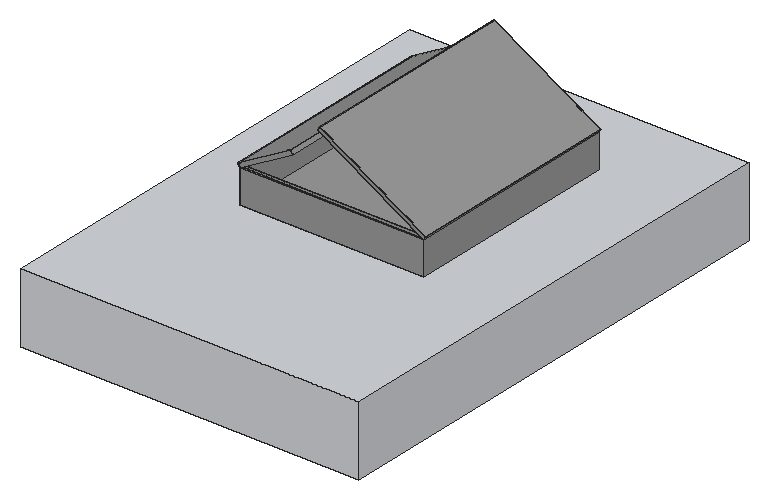
Revit family "Hager-Univers-IP44-D161-Cl.II-FWB-encl--AT-de", category Equipement électrique, Revit 2020
Family settings
  Hôte = Face
  Configuration du panneau = Deux colonnes, circuits au sein
  Cote de connecteur circulaire = Utiliser le diamètre
  Type d'élément = Tableau de raccordement
  Couper avec des vides une fois chargée = Non
  Partagée = Non
  Point de calcul de pièce = Non
Parameters (values of type "Aufputz IP44 B800 H950 T161  - FWB63D")
  Width Control [instance] = if([EF000008 - Breite] > Min Width, [EF000008 - Breite], Min Width)  # 800 mm
  Commentaires du type = [HG000003 - Bereich]  # "Univers"
  Thickness Door [instance] = if([EF009171 - Materialstärke Tür/Deckel] > 3 mm, 3 mm, [EF009171 - Materialstärke Tür/Deckel])  # 1 mm
  Seal Frame Offset [instance] = 17 mm  # constant formula
  Plinth Visibility [instance] = [HG000027 - Sockelhöhe] > 0 mm  # no
  Model = ""
  Min Width [instance] = 100 mm  # constant formula
  Min Height [instance] = 100 mm  # constant formula
  Min Depth [instance] = (2 * [EF009170 - Materialstärke Gehäuse]) + 1 mm  # 3 mm
  Internal Frame Depth [instance] = (Door System Depth * 0.5)  # 9 mm
  Height Control [instance] = if([EF000040 - Höhe] > Min Height, [EF000040 - Höhe], Min Height)  # 950 mm
  HG000027 - Sockelhöhe = 0 mm
  HG000026 - Stehend auf dem Boden = no
  HG000024 - Höhe des unteren Teils = 800 mm
  HG000023 - Gehäuse mit doppeltem Querschnitt = no
  HG000016 - 3D-Türsichtbarkeit [instance] = yes
  HG000015 - Sichtbarkeit der Türöffnung [instance] = no
  HG000014 - Tür rechts [instance] = yes
  HG000013 - Tür links [instance] = not([HG000014 - Tür rechts])  # no
  HG000012 - Türschwenkwinkel [instance] = 30.00°
  HG000010 - Asymmetrische Türen = yes
  HG000009 - Doppelflügeligen Tür = yes
  HG000006 - Unterputz = no
  HG000004 - Herstellerreferenz = "FWB63D"
  HG000003 - Bereich = "Univers"
  HG000002 - Mit tür = yes
  Frame Offset Bottom [instance] = 10 mm  # constant formula
  Frame Offset [instance] = 15 mm  # constant formula
  EF015940 - Deckel mit Überdruckentlastung = no
  EF011959 - Schutzart (NEMA) = ""
  EF009554 - Anzahl der Öffnungen für Flanschplatten = 6
  Fabricant = "Hager"  # constant formula
  EF009212 - Ausführung Deckel = "EV000116 - geschlossen"
  EF009171 - Materialstärke Tür/Deckel = 1 mm
  EF009170 - Materialstärke Gehäuse = 1 mm
  EF008873 - Nennstrom (In) = 125 A
  EF007800 - Geeignet für Blitzschutz = no
  EF006306 - Mit Schloss = no
  EF006244 - Transparenter Deckel/Tür = no
  EF005474 - Schutzart (IP) = "EV006418 - IP44"
  EF004464 - Art der Tür = "EV000494 - ohne"
  EF004427 - Anzahl der Module = 216
  EF004293 - Schlagfestigkeit = "EV006815 - IK09"
  EF003532 - Geeignet für Außengebrauch = no
  EF002950 - Breite in Teilungseinheiten = 12
  EF001613 - Funktionserhalt = "EV000494 - ohne"
  EF001596 - Werkstoff des Gehäuses = "EV000179 - Stahl"
  EF001131 - Innentiefe = 156 mm
  EF001088 - Anbaumöglichkeit = yes
  EF000437 - Anzahl der Leitungseinführungen = 12
  EF000339 - Art der Abdeckung = "EV004216 - Tür"
  EF000266 - Anzahl der Reihen = 0
  EF000218 - Einbautiefe = 0 mm
  EF000118 - Mit Montageplatte = no
  EF000116 - RAL-Nummer = "9010"
  EF000049 - Tiefe = 161 mm
  EF000040 - Höhe = 950 mm
  EF000008 - Breite = 800 mm
  EF000007 - Farbe = "EV000202 - weiß"
  EF000003 - Montageart = "EV000384 - Aufputz"
  Door System Leaf Tolerance [instance] = 1.5 mm  # constant formula
  Door System Depth [instance] = 18 mm  # constant formula
  Door Height [instance] = Height Control - [HG000027 - Sockelhöhe]  # 950 mm
  Depth Control [instance] = if([EF000049 - Tiefe] > Min Depth, [EF000049 - Tiefe], Min Depth)  # 161 mm
  Default Elevation = 0 mm
  Connector Offset [instance] = Height Control / 2  # 475 mm
  Bottom Top Plate Trim [instance] = 1.5 mm  # constant formula
  Plinth height Ctrl [instance] = if([HG000027 - Sockelhöhe] > 0 mm, [HG000027 - Sockelhöhe], 12 mm)  # 12 mm
Reference planes
  plane 1 "Center (Front/Back)": y = 0
  plane 2: z = 0
  plane 3 "Center (Left/Right)": x = 0
  plane 4: z = 161
  plane 5: y = 1
  plane 6: y = 475
  plane 7: y = 0
  plane 8: y = 950
  plane 9: z = 0
  plane 10: x = -385
  plane 11: x = 385
  plane 12: x = 384
  plane 13: x = -384
  plane 14: y = 949
  plane 15: x = -383
  plane 16: x = -400
  plane 17: x = 383
  plane 18: x = 400
  plane 19: x = 399
  plane 20: x = -399
  plane 21: y = 11
  plane 22: y = 950
  plane 23: y = 934
  plane 24: z = 143
  plane 25: z = 1
  plane 26: z = 142
  plane 27: z = 160
Forms (mm)
  Extrusion 1, solid
    sketch origin (0, 0, 0) x (1, 0, 0) y (0, 1, 0)
      loop
        line (-702.964, 1305) -> (-702.964, -811.445) -> (766.763, -811.445) -> (766.763, 1305) -> (-702.964, 1305)
    from 0 to -304.8
  Extrusion 2, solid, material "Hager_Steel_RAL7035_Light_Grey", visible <- "Plinth Visibility", detail levels medium+fine
    sketch origin (0, 0, 0) x (1, 0, 0) y (0, 1, 0)
      loop
        line (-400, 0) -> (400, 0) -> (400, 12) -> (-400, 12) -> (-400, 0)
    from 0 to 143
  Extrusion 3, solid, material "Hager_Steel_RAL7035_Light_Grey", detail levels medium+fine
    sketch origin (0, 0, 0) x (1, 0, 0) y (0, 1, 0)
      loop
        line (-400, 0) -> (400, 0) -> (400, 950) -> (-400, 950) -> (-400, 0)
    from 0 to 143
  Extrusion 4, void
    sketch origin (0, 0, 0) x (1, 0, 0) y (0, 1, 0)
      loop
        line (-399, 1) -> (399, 1) -> (399, 949) -> (-399, 949) -> (-399, 1)
    from 1 to 142
  Extrusion 5, void
    sketch origin (-381.607, -4572, 143) x (0, -1, 0) y (-1, 0, 0)
      loop
        line (-4583, 2.393) -> (-5506, 2.393) -> (-5506, -765.607) -> (-4583, -765.607) -> (-4583, 2.393)
    from 0 to 1 <- "EF009170 - Materialstärke Gehäuse"
  Extrusion 6, solid, material "Hager_Steel_RAL7035_Light_Grey", detail levels fine
    sketch origin (0, 0, 143) x (1, 0, 0) y (0, 1, 0)
      loop
        line (-384, 934) -> (-384, 11) -> (384, 11) -> (384, 934) -> (-384, 934)
      loop
        line (-385, 10) -> (385, 10) -> (385, 935) -> (-385, 935) -> (-385, 10)
    from 0 to 9 <- "Internal Frame Depth"
  Extrusion 7, solid, material "Hager_Steel_RAL7035_Light_Grey", detail levels coarse
    sketch origin (0, 0, 0) x (1, 0, 0) y (0, 1, 0)
      loop
        line (-400, 0) -> (400, 0) -> (400, 950) -> (-400, 950) -> (-400, 0)
    from 0 to 161
  Sweep 8, void
    path in 3D
      loop
        line (-400, 12, 0) -> (400, 12, 0) -> (400, 12, 143) -> (-400, 12, 143) -> (-400, 12, 0)
    profile origin (-400, 12, 71.5) x (-1, 0, 0) y (0, -1, 0)
      loop
        line (0, 0) -> (0, 1.5) -> (-1.5, 1.5)
        arc (-1.5, 1.5) -> (-1.061, 0.439) -> (0, 0) r 1.5
Cuts and joins
  Extrusion 4, Extrusion 5 cuts Extrusion 3
  Sweep 8 cuts Extrusion 2
Lines and regions (mm)
  Masking region 1
    outline origin (0, 0, 0) x (1, 0, 0) y (0, 0, 1)
      loop
        line (-400, 161) -> (-400, 0) -> (400, 0) -> (400, 161) -> (-400, 161)
  Masking region 2, detail levels medium+fine
    outline origin (0, 140, 0) x (0, 1, 0) y (0, 0, 1)
      loop
        line (-140, 0) -> (810, 0) -> (810, 143) -> (-140, 143) -> (-140, 0)
  Masking region 3, not visible, detail levels medium+fine
    outline origin (0, 297.922, 0) x (0, 1, 0) y (0, 0, 1)
      loop
        line (188.578, 0) -> (228.578, 0) -> (228.578, 150)
        arc (228.578, 150) -> (225.649, 157.071) -> (218.578, 160) r 10
        line (218.578, 160) -> (188.578, 160) -> (188.578, 0)
  Masking region 4, detail levels coarse
    outline origin (0, 0, 180) x (0, 1, 0) y (0, 0, 1)
      loop
        line (0, -180) -> (950, -180) -> (950, -19) -> (0, -19) -> (0, -180)
  Masking region 5, visible <- "Plinth Visibility", detail levels medium+fine
    outline origin (0, 52.24, 12.345) x (0, 0, -1) y (0, 1, 0)
      loop
        line (10.845, -40.24) -> (-129.155, -40.24)
        arc (-129.155, -40.24) -> (-129.594, -41.301) -> (-130.655, -41.74) r 1.5
        line (-130.655, -41.74) -> (-130.655, -52.24) -> (12.345, -52.24) -> (12.345, -41.74)
        arc (12.345, -41.74) -> (11.285, -41.301) -> (10.845, -40.24) r 1.5
  Masking region 6, detail levels medium+fine
    outline origin (-381.607, -4572, 143) x (-1, 0, 0) y (0, -1, 0)
      loop
        line (18.393, -5522) -> (18.393, -4572) -> (-781.607, -4572) -> (-781.607, -5522) -> (18.393, -5522)
  Masking region 7, visible <- "Plinth Visibility", detail levels medium+fine
    outline origin (-381.607, -4727, 143) x (-1, 0, 0) y (0, -1, 0)
      loop
        arc (16.893, -4739) -> (17.332, -4737.939) -> (18.393, -4737.5) r 1.5
        line (18.393, -4737.5) -> (18.393, -4727) -> (-781.607, -4727) -> (-781.607, -4737.5)
        arc (-781.607, -4737.5) -> (-780.546, -4737.939) -> (-780.107, -4739) r 1.5
        line (-780.107, -4739) -> (16.893, -4739)
  Masking region 8, detail levels coarse
    outline origin (-442.548, -4669.526, 143) x (-1, 0, 0) y (0, -1, 0)
      loop
        line (-42.548, -5619.526) -> (-42.548, -4669.526) -> (-842.548, -4669.526) -> (-842.548, -5619.526) -> (-42.548, -5619.526)
  sketch lines
    curve 1: line (-400, 12, 143) -> (-400, 12, 0)
    curve 2: line (400, 12, 143) -> (-400, 12, 143)
    curve 3: line (400, 12, 143) -> (400, 12, 0)
    curve 4: line (-400, 12, 0) -> (400, 12, 0)
Dimensions and locks
  "Depth Control": plane 4 to Extrusion 1
  "HG000027 - Sockelhöhe": plane 1 "Center (Front/Back)" to plane 7
  "EF009170 - Materialstärke Gehäuse": plane 5 to plane 7
  locked: connector elem to plane 3 "Center (Left/Right)"
  equal spacing: plane 8, plane 6, plane 7
  locked: connector elem to plane 6
  "EF009170 - Materialstärke Gehäuse": plane 8 to plane 14
  "EF009170 - Materialstärke Gehäuse": plane 10 to plane 13
  "EF009170 - Materialstärke Gehäuse": plane 12 to plane 11
  "Frame Offset": plane 20 to plane 13
  "Frame Offset": plane 12 to plane 19
  "EF009170 - Materialstärke Gehäuse": plane 16 to plane 20
  "EF009170 - Materialstärke Gehäuse": plane 19 to plane 18
  "Seal Frame Offset": plane 16 to plane 15
  "Seal Frame Offset": plane 17 to plane 18
  "Frame Offset Bottom": plane 21 to plane 5
  "Frame Offset": plane 14 to plane 23
  equal spacing: plane 16, plane 3 "Center (Left/Right)", plane 18
  "Width Control": plane 16 to plane 18
  "EF009170 - Materialstärke Gehäuse": plane 4 to plane 27
  "EF009170 - Materialstärke Gehäuse": plane 24 to plane 26
  "EF009170 - Materialstärke Gehäuse": plane 25 to level
  "Door System Depth": plane 4 to plane 24
  "Height Control": plane 1 "Center (Front/Back)" to Extrusion 7 sketch curve
  "Height Control": Masking region 4 sketch curve to plane 1 "Center (Front/Back)"
  "Height Control": plane 1 "Center (Front/Back)" to plane 22
  "Bottom Top Plate Trim": profile plane to Sweep 8 sketch curve
  "Bottom Top Plate Trim": Sweep 8 sketch curve to profile plane
  "Plinth height Ctrl": plane 1 "Center (Front/Back)" to Extrusion 2 sketch curve
  "Plinth height Ctrl": Masking region 5 sketch curve to plane 1 "Center (Front/Back)"
  "Plinth height Ctrl": plane 1 "Center (Front/Back)" to Masking region 7 sketch curve
  "Thickness Door": Extrusion 6 sketch curve to Extrusion 6 sketch curve  (x3)
  "Thickness Door": cut or joined group of Extrusion 3, Extrusion 4, Extrusion 5 to Extrusion 6 sketch curve
  radius of Masking region 3 sketch curve = 10 mm
  "Bottom Top Plate Trim": radius of Masking region 5 sketch curve  (x2)
  "Bottom Top Plate Trim": radius of Sweep 8 sketch curve
  "Bottom Top Plate Trim": radius of Masking region 7 sketch curve  (x2)
  aligned and locked: plane 2 to Extrusion 1
  aligned and locked: level to Extrusion 1
  aligned and locked: level to Masking region 1 sketch curve
  aligned and locked: Masking region 1 sketch curve to plane 18
  aligned and locked: Masking region 1 sketch curve to plane 16
  aligned and locked: plane 7 to Masking region 2 sketch curve
  aligned and locked: level to Masking region 3 sketch curve
  aligned and locked: Masking region 3 sketch curve to plane 27
  aligned and locked: level to Masking region 2 sketch curve
  aligned and locked: plane 1 "Center (Front/Back)" to Extrusion 2 sketch curve
  aligned and locked: Extrusion 3 sketch curve to plane 7
  aligned and locked: plane 16 to Extrusion 3 sketch curve
  aligned and locked: plane 18 to Extrusion 3 sketch curve
  aligned and locked: plane 20 to Extrusion 4 sketch curve
  aligned and locked: plane 19 to Extrusion 4 sketch curve
  aligned and locked: Extrusion 4 sketch curve to plane 5
  aligned and locked: Extrusion 4 to plane 25
  aligned and locked: plane 26 to Extrusion 4
  aligned and locked: plane 24 to Extrusion 3
  aligned and locked: Extrusion 5 sketch curve to plane 21
  aligned and locked: Extrusion 5 sketch curve to plane 13
  aligned and locked: Extrusion 5 sketch curve to plane 12
  aligned and locked: plane 18 to Extrusion 7 sketch curve
  aligned and locked: plane 1 "Center (Front/Back)" to Extrusion 7 sketch curve
  aligned and locked: plane 16 to Extrusion 7 sketch curve
  aligned and locked: plane 4 to Extrusion 7
  aligned and locked: Extrusion 7 to level
  aligned and locked: level to Masking region 4 sketch curve
  aligned and locked: Masking region 4 sketch curve to plane 1 "Center (Front/Back)"
  aligned and locked: Masking region 4 sketch curve to plane 4
  aligned and locked: nested 1 to level
  aligned and locked: nested 1 to plane 16
  aligned and locked: plane 8 to Extrusion 3 sketch curve
  aligned and locked: plane 23 to Extrusion 5 sketch curve
  aligned and locked: plane 14 to Extrusion 4 sketch curve
  aligned and locked: Masking region 2 sketch curve to plane 8
  aligned and locked: level to Masking region 5 sketch curve
  aligned and locked: plane 16 to Extrusion 2 sketch curve
  aligned and locked: plane 18 to Extrusion 2 sketch curve
  aligned and locked: Masking region 5 sketch curve to plane 24
  aligned and locked: Masking region 2 sketch curve to plane 24
  aligned and locked: plane 24 to Extrusion 2
  aligned and locked: profile plane to Sweep 8 sketch curve  (x2)
  aligned and locked: Masking region 6 sketch curve to plane 18
  aligned and locked: Masking region 6 sketch curve to plane 22
  aligned and locked: Masking region 6 sketch curve to plane 16
  aligned and locked: plane 8 to plane 22
  aligned and locked: Masking region 6 sketch curve to plane 7
  aligned and locked: Masking region 7 sketch curve to plane 16
  aligned and locked: Masking region 7 sketch curve to plane 1 "Center (Front/Back)"
  aligned and locked: Masking region 7 sketch curve to plane 18
  aligned and locked: Masking region 8 sketch curve to plane 1 "Center (Front/Back)"
  aligned and locked: Masking region 8 sketch curve to plane 18
  aligned and locked: Masking region 8 sketch curve to plane 22
  aligned and locked: Masking region 8 sketch curve to plane 16
  aligned and locked: nested 2 to plane 7
  aligned and locked: plane 3 "Center (Left/Right)" to nested 2
  aligned and locked: nested 2 to plane 24
  aligned and locked: Extrusion 6 sketch curve to cut or joined group of Extrusion 3, Extrusion 4, Extrusion 5  (x4)
Automatic sketch dimensions
  Extrusion 1 sketch curve to Extrusion 1 sketch curve = 1469.727 mm
  Extrusion 1 sketch curve to Extrusion 1 sketch curve = 2116.445 mm
  Masking region 1 sketch curve to plane 4 = 0 mm
  plane 6 to Masking region 3 sketch curve = 11.5 mm
  Masking region 3 sketch curve to Masking region 3 sketch curve = 30 mm
  Masking region 5 sketch curve to plane 1 "Center (Front/Back)" = 0 mm
Nested families
  nested 1: "Hager_Enclosure_Symbol" at (-400, 0, 0) x (1, 0, 0) z (0, -1, 0), Height <- "Depth Control", Width <- "Width Control", type "Hager_Enclosure_Symbol"
    with Width_Ctrl 800 mm, Width 800 mm, Height_Ctrl 161 mm, Height 161 mm, A_Width_Int 10.566 mm, A_Width 126.788 mm, A_Height_Ctrl 140.875 mm, A_Height 140.875 mm
  nested 2: "EC000058_Univers_Door" at (0, 0, 143) x (1, 0, 0) z (0, 1, 0), Leaf_Tolerance <- "Door System Leaf Tolerance", Angle <- "HG000012 - Türschwenkwinkel", Door_Depth <- "Door System Depth", Door_Left <- "HG000013 - Tür links", Transparent <- "EF006244 - Transparenter Deckel/Tür", Assymetrical <- "HG000010 - Asymmetrische Türen", Width <- "Width Control", Clearance <- "HG000015 - Sichtbarkeit der Türöffnung", Double <- "HG000009 - Doppelflügeligen Tür", 3d_Door <- "HG000016 - 3D-Türsichtbarkeit", Lock_Visibility <- "EF006306 - Mit Schloss", Width_Ctrl <- "Width Control", Door_Right <- "HG000014 - Tür rechts", Door <- "HG000002 - Mit tür", Height <- "Door Height", Thickness <- "Thickness Door", type "EC000058_Univers_Door", detail levels medium+fine
    with min_wh 3 mm, Width_Ctrl 800 mm, Width 800 mm, Transparent no, Thickness 1 mm, Seal_Material Hager_Rubber, Lock_Visibility no, Lock_Material Hager_Plastic_RAL9005_Jet_Black, Leaf_Width 800 mm, Leaf_Tolerance_External_Sides 0 mm, Leaf_Tolerance 1.5 mm, Leaf_Offset 0 mm, Leaf_Height 947 mm, Leaf_2_Width 532.583 mm, Leaf_2_Offset 266.292 mm, Leaf_1_Width 265.917 mm, Leaf_1_Offset 132.958 mm, Height_Ctrl 950 mm, Height 950 mm, Glass_Material Hager_Glass, Double_Clearance_Ctrl no, Double yes, Door_Right_Ctrl yes, Door_Right yes, Door_Material Hager_Steel_RAL7035_Light_Grey, Door_Left_Ctrl yes, Door_Left no, Door_Depth 18 mm, Door yes, Clearance_Material Hager_Clearance, Clearance_Depth 532.583 mm, Clearance_Ctrl no, Clearance no, Assymetrical yes, Angle 30.00°, 3d_Door yes
Connectors
  electrical at (0, 475, 0)
    settings: on plane 9, index 1, voltage 0 V, apparent load 0 VA, apparent load phase1 0 VA, apparent load phase2 0 VA, apparent load phase3 0 VA, power factor 1, load classification "Other", number of poles 1, system type 30, power factor state 1, is connector primary yes, connector utility no, sub classification motor no, connector description ""
Definition of nested family "EC000058_Univers_Door"
  Parameters (values of type "EC000058_Univers_Door")
    min_wh [instance] = (2 * Thickness) + 1 mm  # 11 mm
    Width_Ctrl [instance] = 400 mm
    Width [instance] = 500 mm
    Transparent [instance] = yes
    Thickness [instance] = 5 mm
    Seal_Material [instance] = none
    Lock_Visibility [instance] = yes
    Lock_Material [instance] = none
    Leaf_Width [instance] = if((Width_Ctrl - 2 * Leaf_Tolerance_External_Sides) > 0 mm, (Width_Ctrl - 2 * Leaf_Tolerance_External_Sides), min_wh)  # 400 mm
    Leaf_Tolerance_External_Sides [instance] = 0 mm  # constant formula
    Leaf_Tolerance [instance] = 1.5 mm
    Leaf_Offset [instance] = 0 mm  # constant formula
    Leaf_Height [instance] = if((Height_Ctrl - 2 * Leaf_Tolerance) > 0 mm, (Height_Ctrl - 2 * Leaf_Tolerance), min_wh)  # 497 mm
    Leaf_2_Width [instance] = if(and(and(Double, Assymetrical), Door_Left), (Leaf_Width / 3) - (Leaf_Tolerance / 2), if(and(and(Double, Assymetrical), Door_Right), (Leaf_Width / 3) * 2 - (Leaf_Tolerance / 2), if(and(Double, not(Assymetrical)), (Leaf_Width / 2) - Leaf_Tolerance, Leaf_Width)))  # 400 mm
    Leaf_2_Offset [instance] = if(and(Double, Assymetrical), Leaf_2_Width / 2, if(and(Double, not(Assymetrical)), Leaf_Width / 4, Leaf_Width / 2))  # 200 mm
    Leaf_1_Width [instance] = if(and(and(Double, Assymetrical), Door_Right), (Leaf_Width / 3) - (Leaf_Tolerance / 2), if(and(and(Double, Assymetrical), Door_Left), (Width / 3) * 2 - (Leaf_Tolerance / 2), if(and(Double, not(Assymetrical)), (Leaf_Width / 2) - Leaf_Tolerance, Leaf_Width)))  # 400 mm
    Leaf_1_Offset [instance] = if(and(Double, Assymetrical), Leaf_1_Width / 2, if(and(Double, not(Assymetrical)), Leaf_Width / 4, Leaf_Width / 2))  # 200 mm
    Height_Ctrl [instance] = if(Height > min_wh, Height, min_wh)  # 500 mm
    Height [instance] = 500 mm
    Glass_Material [instance] = none
    Double_Clearance_Ctrl [instance] = and(Double, Clearance)  # no
    Double [instance] = no
    Door_Right_Ctrl [instance] = and(or(Door_Right, Double), Door)  # yes
    Door_Right [instance] = yes
    Door_Material [instance] = none
    Door_Left_Ctrl [instance] = and(or(Door_Left, Double), Door)  # no
    Door_Left [instance] = no
    Door_Depth [instance] = 30 mm
    Door [instance] = yes
    Default Elevation = 1219.2 mm
    Clearance_Material [instance] = none
    Clearance_Depth [instance] = if(Leaf_1_Width > Leaf_2_Width, Leaf_1_Width, Leaf_2_Width)  # 400 mm
    Clearance_Ctrl [instance] = and(not(Double), Clearance)  # yes
    Clearance [instance] = yes
    Assymetrical [instance] = yes
    Angle [instance] = 30.00°
    3d_Door [instance] = yes
  Reference planes
    plane 1 "Center (Front/Back)": y = 0
    plane 2 "Bottom": z = 0
    plane 3 "Center (Left/Right)": x = 0
    plane 4: z = 500
    plane 5: x = -200
    plane 6: x = 200
    plane 7: z = 500
    plane 8: x = -200
    plane 9: z = 0
    plane 10: x = 200
    plane 11: y = 0
    plane 12: z = 1.5
    plane 13: x = -600
    plane 14: y = -400
    plane 15: x = 600
    plane 16: x = 0
    plane 17: x = 0
    plane 18: x = -200
    plane 19: x = 200
    plane 20: z = 498.5
  Forms (mm)
    Extrusion 1, solid, material <- "Clearance_Material", visible <- "Double_Clearance_Ctrl"
      sketch origin (1200, 0, 0) x (1, 0, 0) y (0, 0, -1)
        loop
          line (-1800, -498.5) -> (-600, -498.5) -> (-600, 0) -> (-1800, 0) -> (-1800, -498.5)
      from 0 to -400
  Dimensions and locks
    equal spacing: plane 5, plane 3 "Center (Left/Right)", plane 6
    "Width_Ctrl": plane 5 to plane 6
    "Leaf_Offset": plane 5 to plane 8
    "Leaf_Offset": plane 6 to plane 10
    "Leaf_Offset": plane 9 to level
    "Leaf_Offset": plane 4 to plane 7
    "Height_Ctrl": plane 4 to level
    "Leaf_Tolerance": plane 12 to plane 9
    locked: plane 11 to plane 1 "Center (Front/Back)"
    "Leaf_1_Offset": plane 18 to plane 16
    "Leaf_2_Offset": plane 17 to plane 19
    "Leaf_1_Width": plane 13 to plane 8
    "Leaf_2_Width": plane 10 to plane 15
    "Clearance_Depth": plane 14 to plane 1 "Center (Front/Back)"
    "Leaf_Tolerance_External_Sides": plane 8 to plane 18
    "Leaf_Tolerance_External_Sides": plane 19 to plane 10
    "Leaf_Tolerance": plane 7 to plane 20
    aligned and locked: level to plane 2 "Bottom"
    aligned and locked: nested 1 to plane 16
    aligned and locked: nested 2 to plane 17
    aligned and locked: Extrusion 1 to plane 13
    aligned and locked: plane 15 to Extrusion 1
    aligned and locked: Extrusion 1 to plane 14
    aligned and locked: plane 12 to nested 1
    aligned and locked: nested 2 to plane 12
    aligned and locked: Extrusion 1 to plane 11
    aligned and locked: plane 20 to Extrusion 1
    aligned and locked: nested 2 to plane 11
    aligned and locked: nested 1 to plane 11
  Automatic sketch dimensions
    Extrusion 1 sketch curve to level = 0 mm
    plane 5 to Extrusion 1 sketch curve = 400 mm
    plane 6 to Extrusion 1 sketch curve = 400 mm
    Extrusion 1 sketch curve to plane 4 = 1.5 mm
  Nested families
    nested 1: "EC000058_Univers_Door_Leaf" at (0, 0, 1.5), Width <- "Leaf_1_Width", visible <- "Door_Left_Ctrl", Leaf_Height <- "Leaf_Height", Angle <- "Angle", 3d_Door <- "3d_Door", Transparent <- "Transparent", Clearance Material <- "Clearance_Material", Clearance <- "Clearance_Ctrl", Door_Material <- "Door_Material", Glass_Material <- "Glass_Material", Door_Depth <- "Door_Depth", Lock_Material <- "Lock_Material", Seal_Material <- "Seal_Material", Lock_Visibility <- "Lock_Visibility", Thickness <- "Thickness", type "EC000058_Univers_Door_Leaf"
      with Width 400 mm, Transparent_Glass_Offset 30 mm, Transparent_Ctrl yes, Transparent yes, Thickness 5 mm, Standard no, Seal_Material none, Seal_D2 8 mm, Seal_D1 1 mm, Offset_Internal_Frame 10 mm, Lock_Width 20 mm, Lock_Visibility_3d yes, Lock_Visibility yes, Lock_Thickness_3 3 mm, Lock_Thickness_2 1 mm, Lock_Thickness_1 3 mm, Lock_Radius_Offset_2 16 mm, Lock_Radius_Offset_1 15 mm, Lock_Radius_2 5 mm, Lock_Radius 6 mm, Lock_Offset 5 mm, Lock_Material none, Lock_Height 80 mm, Lock_Cover_Top_Offset_2d 17 mm, Lock_Cover_Height -65 mm, Leaf_Height 497 mm, Internal_Seal_Thickness 8 mm, Internal_Seal_Depth_2 4.5 mm, Internal_Frame_Depth 25 mm, Glass_Thickness -1 mm, Glass_Offset -2 mm, Glass_Material none, Door_Material none, Door_Depth 30 mm, Clearance Material none, Clearance yes, Angle_Ctrl 30.00°, Angle 30.00°, 3d_Door yes
    nested 2: "EC000058_Univers_Door_Leaf" at (0, 0, 1.5) x (-1, 0, 0) z (0, 0, 1), Width <- "Leaf_2_Width", visible <- "Door_Right_Ctrl", Leaf_Height <- "Leaf_Height", Angle <- "Angle", 3d_Door <- "3d_Door", Transparent <- "Transparent", Clearance Material <- "Clearance_Material", Clearance <- "Clearance_Ctrl", Door_Material <- "Door_Material", Glass_Material <- "Glass_Material", Door_Depth <- "Door_Depth", Lock_Material <- "Lock_Material", Seal_Material <- "Seal_Material", Lock_Visibility <- "Lock_Visibility", Thickness <- "Thickness", type "EC000058_Univers_Door_Leaf"
      with Width 400 mm, Transparent_Glass_Offset 30 mm, Transparent_Ctrl yes, Transparent yes, Thickness 5 mm, Standard no, Seal_Material none, Seal_D2 8 mm, Seal_D1 1 mm, Offset_Internal_Frame 10 mm, Lock_Width 20 mm, Lock_Visibility_3d yes, Lock_Visibility yes, Lock_Thickness_3 3 mm, Lock_Thickness_2 1 mm, Lock_Thickness_1 3 mm, Lock_Radius_Offset_2 16 mm, Lock_Radius_Offset_1 15 mm, Lock_Radius_2 5 mm, Lock_Radius 6 mm, Lock_Offset 5 mm, Lock_Material none, Lock_Height 80 mm, Lock_Cover_Top_Offset_2d 17 mm, Lock_Cover_Height -65 mm, Leaf_Height 497 mm, Internal_Seal_Thickness 8 mm, Internal_Seal_Depth_2 4.5 mm, Internal_Frame_Depth 25 mm, Glass_Thickness -1 mm, Glass_Offset -2 mm, Glass_Material none, Door_Material none, Door_Depth 30 mm, Clearance Material none, Clearance yes, Angle_Ctrl 30.00°, Angle 30.00°, 3d_Door yes
  Definition of nested family "EC000058_Univers_Door_Leaf"
    Parameters (values of type "EC000058_Univers_Door_Leaf")
      Width [instance] = 2000 mm
      Transparent_Glass_Offset [instance] = 30 mm
      Transparent_Ctrl [instance] = and(Transparent, [3d_Door])  # yes
      Transparent [instance] = yes
      Thickness [instance] = 5 mm
      Standard [instance] = and(not(Transparent), [3d_Door])  # no
      Seal_Material [instance] = none
      Seal_D2 [instance] = 8 mm  # constant formula
      Seal_D1 [instance] = 1 mm  # constant formula
      Offset_Internal_Frame [instance] = 10 mm  # constant formula
      Lock_Width [instance] = 20 mm  # constant formula
      Lock_Visibility_3d [instance] = and(Lock_Visibility, [3d_Door])  # yes
      Lock_Visibility [instance] = yes
      Lock_Thickness_3 [instance] = 3 mm  # constant formula
      Lock_Thickness_2 [instance] = 1 mm  # constant formula
      Lock_Thickness_1 [instance] = 3 mm  # constant formula
      Lock_Radius_Offset_2 [instance] = Lock_Radius_Offset_1 + 1 mm  # 16 mm
      Lock_Radius_Offset_1 [instance] = 15 mm  # constant formula
      Lock_Radius_2 [instance] = Lock_Radius - 1 mm  # 5 mm
      Lock_Radius [instance] = 6 mm  # constant formula
      Lock_Offset [instance] = 5 mm  # constant formula
      Lock_Material [instance] = none
      Lock_Height [instance] = 80 mm  # constant formula
      Lock_Cover_Top_Offset_2d [instance] = Lock_Radius_Offset_2 + 1 mm  # 17 mm
      Lock_Cover_Height [instance] = -(Lock_Height - Lock_Radius_Offset_1)  # -65 mm
      Leaf_Height [instance] = 2720.336 mm
      Internal_Seal_Thickness [instance] = 8 mm  # constant formula
      Internal_Seal_Depth_2 [instance] = 4.5 mm  # constant formula
      Internal_Frame_Depth [instance] = if(Door_Depth - Thickness > 5 mm, Door_Depth - Thickness, 5 mm)  # 25 mm
      Glass_Thickness [instance] = if(Thickness > 15 mm, Glass_Offset + 10 mm, -1 mm)  # -1 mm
      Glass_Offset [instance] = if(Thickness > 15 mm, -(Thickness + 10 mm) / 2, -2 mm)  # -2 mm
      Glass_Material [instance] = none
      Door_Material [instance] = none
      Door_Depth [instance] = 30 mm
      Default Elevation = 0 mm
      Clearance Material [instance] = none
      Clearance [instance] = yes
      Angle_Ctrl [instance] = if(Angle > 180.00°, 180.00°, Angle)  # 90.00°
      Angle [instance] = 90.00°
      3d_Door [instance] = yes
    Reference planes
      plane 1 "Center (Front/Back)": y = 0
      plane 2: z = 0
      plane 3 "Center (Left/Right)": x = 0
      plane 4: y = 2000
      plane 5: x = -1000
      plane 6: x = 1000
      plane 7: x = -3000
      plane 8: z = 2720.336
      plane 9: z = 30
      plane 10: z = 2690.336
      plane 11: x = 970
      plane 12: x = -970
      plane 13: y = -3
      plane 14: z = 107.833
      plane 15: y = -5
      plane 16: y = -223.314
      plane 17: x = -1000
      plane 18: z = 1360.168
      plane 19: y = 30
    Forms (mm)
      Extrusion 1, solid, material <- "Clearance Material", visible <- "Clearance"
        sketch origin (0, 0, 0) x (1, 0, 0) y (0, 0, 1)
          loop
            line (-3000, 2720.336) -> (-3000, 0) -> (1000, 0) -> (1000, 2720.336) -> (-3000, 2720.336)
        from 0 to -2000
      Extrusion 2, solid, material <- "Door_Material", visible <- "Standard", detail levels medium+fine
        sketch origin (-1000, 0, 0) x (0, 1, 0) y (-1, 0, 0)
          loop
            line (0, 30) -> (0, 25) -> (2000, 25) -> (2000, 30) -> (0, 30)
        from 0 to 2720.336 <- "Leaf_Height"
      Extrusion 3, solid, material <- "Door_Material", visible <- "Transparent_Ctrl", detail levels medium+fine
        sketch origin (-1000, 0, 0) x (0, 1, 0) y (-1, 0, 0)
          loop
            line (0, 25) -> (2000, 25) -> (2000, 30) -> (0, 30) -> (0, 25)
        from 0 to 2720.336 <- "Leaf_Height"
      Extrusion 4, void
        sketch origin (-1025, 2000, 0) x (0, 1, 0) y (0, 0, -1)
          loop
            line (-30, -2690.336) -> (-30, -30) -> (-1970, -30) -> (-1970, -2690.336) -> (-30, -2690.336)
        from 0 to 5 <- "Thickness"
      Sweep 5, solid, material <- "Seal_Material", visible <- "Transparent_Ctrl", detail levels fine
        path in 3D
          loop
            line (-1025, 30, 30) -> (-1025, 30, 2690.336) -> (-1025, 1970, 2690.336) -> (-1025, 1970, 30) -> (-1025, 30, 30)
        profile origin (-1025, 1000, 30) x (1, 0, 0) y (0, 0, 1)
          loop
            line (0, 0) -> (0, -8) -> (1, -8) -> (1, 0) -> (0, 0)
      Extrusion 6, solid, material <- "Glass_Material", visible <- "Transparent_Ctrl", detail levels medium+fine
        sketch origin (-1030, 0, 0) x (0, 1, 0) y (0, 0, -1)
          loop
            line (1970, -2690.336) -> (1970, -30) -> (30, -30) -> (30, -2690.336) -> (1970, -2690.336)
        from -2 <- "Glass_Offset" to -1 <- "Glass_Thickness"
      Extrusion 7, solid, material <- "Door_Material", visible <- "3d_Door", detail levels medium+fine
        sketch origin (-1025, 2000, 0) x (0, -1, 0) y (0, 0, -1)
          loop
            line (0, -2720.336) -> (2000, -2720.336) -> (2000, 0) -> (0, 0) -> (0, -2720.336)
          loop
            line (1995, -5) -> (5, -5) -> (5, -2715.336) -> (1995, -2715.336) -> (1995, -5)
        from 0 to 25 <- "Internal_Frame_Depth"
      Sweep 8, solid, material <- "Seal_Material", visible <- "Transparent_Ctrl", detail levels fine
        path in 3D
          loop
            line (-1025, 0, 0) -> (-1025, 2000, 0) -> (-1025, 2000, 2720.336) -> (-1025, 0, 2720.336) -> (-1025, 0, 0)
        profile origin (-1025, 0, 1360.168) x (1, 0, 0) y (0, 1, 0)
          loop
            line (0, 10) -> (2.975, 10)
            arc (2.975, 10) -> (4.053, 10.447) -> (4.5, 11.525) r 1.525
            line (4.5, 11.525) -> (4.5, 16.527)
            arc (4.5, 16.527) -> (4.069, 17.569) -> (3.027, 18) r 1.473
            line (3.027, 18) -> (0, 18) -> (0, 10)
      Extrusion 9, solid, material <- "Lock_Material", visible <- "Lock_Visibility_3d", detail levels fine
        sketch origin (-1030, 0, 0) x (0, 1, 0) y (0, 0, -1)
          loop
            arc (1993.5, -1400.168) -> (1994.561, -1399.729) -> (1995, -1398.668) r 1.5
            line (1995, -1398.668) -> (1995, -1320.168) -> (1975, -1320.168) -> (1975, -1398.668)
            arc (1975, -1398.668) -> (1975.439, -1399.729) -> (1976.5, -1400.168) r 1.5
            line (1976.5, -1400.168) -> (1993.5, -1400.168)
        from 3 <- "Lock_Thickness_1" to 0
      Blend 10, solid, material <- "Lock_Material", visible <- "Lock_Visibility_3d", detail levels fine
        base sketch origin (-1033, 0, 0) x (0, 1, 0) y (0, 0, -1)
          loop
            line (1975, -1320.168) -> (1975, -1398.668)
            arc (1975, -1398.668) -> (1975.439, -1399.729) -> (1976.5, -1400.168) r 1.5
            line (1976.5, -1400.168) -> (1993.5, -1400.168)
            arc (1993.5, -1400.168) -> (1994.561, -1399.729) -> (1995, -1398.668) r 1.5
            line (1995, -1398.668) -> (1995, -1320.168) -> (1975, -1320.168)
        top sketch origin (-1033, 0, 0) x (0, 1, 0) y (0, 0, -1)
          loop
            line (1976, -1320.168) -> (1976, -1398.668)
            arc (1976, -1398.668) -> (1976.146, -1399.022) -> (1976.5, -1399.168) r 0.5
            line (1976.5, -1399.168) -> (1993.5, -1399.168)
            arc (1993.5, -1399.168) -> (1993.854, -1399.022) -> (1994, -1398.668) r 0.5
            line (1994, -1398.668) -> (1994, -1320.168) -> (1976, -1320.168)
        from 0 to 1 <- "Lock_Thickness_2"
      Blend 11, solid, material <- "Lock_Material", visible <- "Lock_Visibility_3d", detail levels fine
        base sketch origin (-1034, 0, 0) x (0, 1, 0) y (0, 0, -1)
          loop
            line (1978, -1320.168) -> (1978, -1384.168)
            arc (1978, -1384.168) -> (1985, -1391.168) -> (1992, -1384.168) r 7
            line (1992, -1384.168) -> (1992, -1320.168) -> (1978, -1320.168)
        top sketch origin (-1034, 0, 0) x (0, 1, 0) y (0, 0, -1)
          loop
            line (1991, -1320.168) -> (1979, -1320.168) -> (1979, -1383.168)
            arc (1979, -1383.168) -> (1985, -1389.168) -> (1991, -1383.168) r 6
            line (1991, -1383.168) -> (1991, -1320.168)
        from 0 to 3 <- "Lock_Thickness_3"
      Extrusion 12, solid, material <- "Lock_Material", visible <- "Lock_Visibility_3d", detail levels fine
        sketch origin (-1030, 1975, 1320.168) x (1, 0, 0) y (0, -1, 0)
          loop
            line (-7, -19) -> (-7, -1) -> (0, -1) -> (0, 0) -> (-8, 0) -> (-8, -20) -> (0, -20) -> (0, -19) -> (-7, -19)
        from 0 to -65 <- "Lock_Cover_Height"
      Extrusion 13, void
        sketch origin (-1038, 1995, 1320.168) x (-1, 0, 0) y (0, 0, -1)
          loop
            line (-5, -65) -> (0, -65) -> (-5, -60) -> (-5, -65)
        from 0 to 20 <- "Lock_Width"
      Extrusion 14, void
        sketch origin (-1038, 1975, 1320.168) x (0, -1, 0) y (0, 0, -1)
          loop
            circle (-10, -15.995) r 6
          loop
            circle (-10, -15.995) r 5
        from 0 to 2
      Extrusion 15, solid, material <- "Lock_Material", visible <- "Lock_Visibility_3d", detail levels medium
        sketch origin (-1030, 0, 0) x (0, 1, 0) y (0, 0, -1)
          loop
            arc (1993.5, -1400.168) -> (1994.561, -1399.729) -> (1995, -1398.668) r 1.5
            line (1995, -1398.668) -> (1995, -1320.168) -> (1975, -1320.168) -> (1975, -1398.668)
            arc (1975, -1398.668) -> (1975.439, -1399.729) -> (1976.5, -1400.168) r 1.5
            line (1976.5, -1400.168) -> (1993.5, -1400.168)
        from 8 to 0
    Cuts and joins
      Extrusion 4 cuts Extrusion 3
      Extrusion 13, Extrusion 14 cuts Extrusion 9
      Extrusion 14 cuts Blend 11
      Extrusion 13, Extrusion 14 cuts Extrusion 12
      joined: Extrusion 9, Blend 10, Blend 11, Extrusion 12
      Extrusion 14 cuts Extrusion 15
    Lines and regions (mm)
      Masking region 1, visible <- "Lock_Visibility", detail levels fine
        outline origin (0, 0, 0) x (0, 1, 0) y (0, 0, 1)
          loop
            line (30, 1320.168) -> (33, 1320.168) -> (33, 1400.168) -> (30, 1400.168) -> (30, 1320.168)
      Masking region 2, visible <- "Lock_Visibility", detail levels fine
        outline origin (0, 3.143, 0) x (0, 1, 0) y (0, 0, 1)
          loop
            line (29.857, 1354.168) -> (30.857, 1354.168) -> (30.857, 1366.168) -> (29.857, 1366.168) -> (29.857, 1354.168)
      Masking region 3, detail levels medium+fine
        outline origin (0, 0, 0) x (0, 1, 0) y (0, 0, 1)
          loop
            line (0, 0) -> (30, 0) -> (30, 2720.336) -> (0, 2720.336) -> (0, 0)
      Masking region 4, detail levels medium+fine
        outline origin (0, 0, 0) x (1, 0, 0) y (0, 0, 1)
          loop
            line (-1000, 2720.336) -> (-1000, 0) -> (1000, 0) -> (1000, 2720.336) -> (-1000, 2720.336)
      Masking region 5, visible <- "Lock_Visibility", detail levels fine
        outline origin (-47.116, 0, 0) x (1, 0, 0) y (0, 0, 1)
          loop
            arc (1024.616, 1399.168) -> (1023.556, 1398.729) -> (1023.116, 1397.668) r 1.5
            line (1023.116, 1397.668) -> (1023.116, 1320.168) -> (1041.116, 1320.168) -> (1041.116, 1397.668)
            arc (1041.116, 1397.668) -> (1040.677, 1398.729) -> (1039.616, 1399.168) r 1.5
            line (1039.616, 1399.168) -> (1024.616, 1399.168)
      Masking region 6, visible <- "Lock_Visibility", detail levels medium+fine
        outline origin (-25, 0, 0) x (1, 0, 0) y (0, 0, 1)
          loop
            arc (1001.5, 1400.168) -> (1000.439, 1399.729) -> (1000, 1398.668) r 1.5
            line (1000, 1398.668) -> (1000, 1320.168) -> (1020, 1320.168) -> (1020, 1398.668)
            arc (1020, 1398.668) -> (1019.561, 1399.729) -> (1018.5, 1400.168) r 1.5
            line (1018.5, 1400.168) -> (1001.5, 1400.168)
      Masking region 7, visible <- "Lock_Visibility", detail levels fine
        outline origin (-73.735, 0, 0) x (1, 0, 0) y (0, 0, 1)
          loop
            line (1051.735, 1382.168) -> (1065.735, 1382.168) -> (1065.735, 1384.168)
            arc (1065.735, 1384.168) -> (1058.735, 1391.168) -> (1051.735, 1384.168) r 7
            line (1051.735, 1384.168) -> (1051.735, 1382.168)
      Masking region 8, visible <- "Lock_Visibility", detail levels fine
        outline origin (-73.735, 0, 0) x (1, 0, 0) y (0, 0, 1)
          loop
            line (1052.735, 1382.168) -> (1064.735, 1382.168) -> (1064.735, 1383.168)
            arc (1064.735, 1383.168) -> (1058.735, 1389.168) -> (1052.735, 1383.168) r 6
            line (1052.735, 1383.168) -> (1052.735, 1382.168)
      Masking region 9, visible <- "Lock_Visibility", detail levels fine
        outline origin (-25, 0, 0) x (1, 0, 0) y (0, 0, 1)
          loop
            line (1020, 1320.168) -> (1020, 1382.168) -> (1000, 1382.168) -> (1000, 1320.168) -> (1020, 1320.168)
      Masking region 10, detail levels medium+fine
        outline origin (0, 0, 0) x (1, 0, 0) y (0, 0, 1)
          loop
            circle (985, 1335.144) r 6
      Masking region 11, detail levels fine
        outline origin (0, 0, 0) x (1, 0, 0) y (0, 0, 1)
          loop
            circle (985, 1335.144) r 5
      Masking region 12, visible <- "Lock_Visibility", detail levels fine
        outline origin (0, 12.767, 0) x (0, 1, 0) y (0, 0, 1)
          loop
            line (20.233, 1320.168) -> (21.233, 1320.168) -> (21.233, 1399.168) -> (20.233, 1400.168) -> (20.233, 1320.168)
      Masking region 13, visible <- "Lock_Visibility", detail levels fine
        outline origin (0, 13.767, -10) x (0, 1, 0) y (0, 0, 1)
          loop
            line (20.233, 1330.168) -> (23.233, 1330.168) -> (23.233, 1399.168) -> (20.233, 1402.168) -> (20.233, 1330.168)
      Masking region 14, visible <- "Lock_Visibility", detail levels fine
        outline origin (0, 12.767, -10) x (0, 1, 0) y (0, 0, 1)
          loop
            line (20.233, 1330.168) -> (25.233, 1330.168) -> (25.233, 1399.305) -> (20.233, 1394.305) -> (20.233, 1330.168)
      Masking region 15, visible <- "Lock_Visibility", detail levels medium
        outline origin (0, 0, 0) x (0, 1, 0) y (0, 0, 1)
          loop
            line (30, 1320.168) -> (38, 1320.168) -> (38, 1400.168) -> (30, 1400.168) -> (30, 1320.168)
      Masking region 16, visible <- "Lock_Visibility", detail levels fine
        outline origin (-1000, 0, 0) x (0, 1, 0) y (-1, 0, 0)
          loop
            line (1975, 30) -> (1995, 30) -> (1995, 38) -> (1975, 38) -> (1975, 30)
          loop
            line (1979, 37) -> (1976, 37) -> (1976, 34) -> (1978, 34) -> (1979, 37)
          loop
            line (1994, 37) -> (1991, 37) -> (1992, 34) -> (1994, 34) -> (1994, 37)
      Masking region 17, visible <- "Lock_Visibility", detail levels medium
        outline origin (-1000, 0, 0) x (0, 1, 0) y (-1, 0, 0)
          loop
            line (1975, 30) -> (1995, 30) -> (1995, 38) -> (1975, 38) -> (1975, 30)
      symbolic lines
        curve 1: line (1000, 0, 0) -> (-3000, 0, 0)
        curve 2: arc (1000, 0, 0) -> (-1000, 2000, 0) -> (-3000, 0, 0) r 2000
        curve 4: line (-1030, 0, 0) -> (-1030, 2000, 0)
      reference lines
        curve 3: line (-1000, 0, 0) -> (-1000, 2000, 0)
      symbolic lines, detail levels medium+fine
        curve 5: line (-1030, 2000, 0) -> (-1025, 2000, 0)
        curve 7: line (-1025, 0, 0) -> (-1030, 0, 0)
        curve 8: line (-1025, 0, 0) -> (-1000, 0, 0)
        curve 9: line (-1000, 0, 0) -> (-1000, 2000, 0)
        curve 10: line (-1000, 2000, 0) -> (-1025, 2000, 0)
      symbolic lines, detail levels fine
        curve 6: line (-1025, 2000, 0) -> (-1025, 0, 0)
      sketch lines
        curve 11: line (-1025, 0, 2720.336) -> (-1025, 0, 0)
        curve 12: line (-1025, 2000, 0) -> (-1025, 0, 0)
        curve 13: line (-1025, 2000, 2720.336) -> (-1025, 2000, 0)
        curve 14: line (-1025, 0, 2720.336) -> (-1025, 2000, 2720.336)
        curve 15: line (-1025, 1970, 30) -> (-1025, 30, 30)
        curve 16: line (-1025, 30, 30) -> (-1025, 30, 2690.336)
        curve 17: line (-1025, 1970, 2690.336) -> (-1025, 1970, 30)
        curve 18: line (-1025, 30, 2690.336) -> (-1025, 1970, 2690.336)
      symbolic lines, visible <- "Transparent", detail levels medium+fine
        curve 19: line (-970, 0, 2690.336) -> (970, 0, 2690.336)
        curve 20: line (-970, 0, 30) -> (-970, 0, 2690.336)
        curve 21: line (970, 0, 30) -> (-970, 0, 30)
        curve 22: line (970, 0, 2690.336) -> (970, 0, 30)
    Dimensions and locks
      "Width": plane 1 "Center (Front/Back)" to plane 4
      equal spacing: plane 5, plane 3 "Center (Left/Right)", plane 6
      "Width": plane 5 to plane 6
      "Width": plane 7 to plane 5
      "Leaf_Height": plane 8 to level
      "Width": curve 5 to curve 3
      "Width": curve 3 to curve 3
      plane 8 to plane 10 = 30 mm
      plane 9 to level = 30 mm
      plane 12 to plane 5 = 30 mm
      plane 6 to plane 11 = 30 mm
      Extrusion 1 to Extrusion 4 sketch curve = 30 mm
      "Transparent_Glass_Offset": curve 3 to Extrusion 4 sketch curve
      "Transparent_Glass_Offset": Extrusion 4 sketch curve to cut or joined group of Extrusion 3, Extrusion 4  (x2)
      cut or joined group of Extrusion 3, Extrusion 4 to Extrusion 6 sketch curve = 30 mm
      "Transparent_Glass_Offset": cut or joined group of Extrusion 3, Extrusion 4 to Extrusion 4 sketch curve
      "Thickness": curve 6 to curve 4
      "Thickness": Extrusion 7 sketch curve to Extrusion 7 sketch curve  (x4)
      "Door_Depth": curve 4 to curve 3
      "Offset_Internal_Frame": profile plane to Sweep 8 sketch curve
      "Internal_Seal_Thickness": Sweep 8 sketch curve to Sweep 8 sketch curve
      "Internal_Seal_Depth_2": profile plane to Sweep 8 sketch curve
      "Seal_D1": profile plane to Sweep 5 sketch curve
      "Seal_D2": profile plane to Sweep 5 sketch curve
      "Thickness": Extrusion 2 sketch curve to Extrusion 2 sketch curve
      equal spacing: Extrusion 9 sketch curve, plane 18, Extrusion 9 sketch curve  (x2)
      equal spacing: Masking region 1 sketch curve, plane 18, Masking region 1 sketch curve
      "Lock_Height": Masking region 1 sketch curve to Masking region 1 sketch curve
      "Lock_Radius": Masking region 2 sketch curve to plane 18 to Masking region 2 sketch curve
      Masking region 2 sketch curve to Masking region 1 = 1 mm
      "Door_Depth": plane 19 to plane 1 "Center (Front/Back)"
      "Lock_Thickness_1": Masking region 1 sketch curve to plane 19
      "Lock_Width": Extrusion 9 sketch curve to Extrusion 9 sketch curve
      "Lock_Height": Extrusion 9 sketch curve to Extrusion 9 sketch curve
      "Lock_Offset": cut or joined group of Extrusion 3, Extrusion 4 to Extrusion 9 sketch curve
      equal spacing: plane 8, plane 18, level
      "Lock_Radius_Offset_1": Blend 11 sketch curve to Blend 10
      locked: Blend 10 to Blend 11 sketch curve at 2  (x2)
      locked: var sketch to Blend 11 sketch curve at 1  (x2)
      "Lock_Radius_Offset_2": Blend 11 sketch curve to Blend 10
      locked: Extrusion 12 sketch curve to Extrusion 12 sketch curve at 1  (x3)
      Masking region 6 sketch curve to Masking region 6 sketch curve = 80 mm
      "Lock_Height": Masking region 6 sketch curve to Masking region 6 sketch curve
      "Lock_Width": Masking region 6 sketch curve to Masking region 6 sketch curve
      locked: Masking region 6 to Masking region 5 sketch curve at 1  (x3)
      locked: Masking region 5 to Masking region 7 sketch curve at 2  (x2)
      "Lock_Radius_Offset_1": Masking region 5 to Masking region 7 sketch curve
      "Lock_Radius_Offset_2": Masking region 5 to Masking region 8 sketch curve
      locked: Masking region 7 to Masking region 8 sketch curve at 1  (x2)
      "Lock_Cover_Top_Offset_2d": Masking region 5 to Masking region 9 sketch curve
      equal spacing: Masking region 9, Masking region 10 sketch curve, Masking region 9
      equal spacing: Masking region 9, Masking region 11 sketch curve, Masking region 9
      Extrusion 15 sketch curve to Extrusion 15 sketch curve = 80 mm
      "Lock_Width": Extrusion 15 sketch curve to Extrusion 15 sketch curve
      "Lock_Height": Extrusion 15 sketch curve to Extrusion 15 sketch curve
      equal spacing: Extrusion 15 sketch curve, plane 18, Extrusion 15 sketch curve
      "Lock_Thickness_3": Masking region 13 sketch curve to Masking region 13 sketch curve
      "Lock_Height": Masking region 12 sketch curve to Masking region 12 sketch curve
      locked: Masking region 13 sketch curve to Masking region 1 at 8
      locked: Masking region 14 sketch curve to Masking region 13 at 1
      locked: Masking region 14 sketch curve to Masking region 1 at 10.863
      "Lock_Height": Masking region 15 sketch curve to Masking region 15 sketch curve
      "Lock_Offset": Extrusion 15 sketch curve to cut or joined group of Extrusion 3, Extrusion 4
      "Lock_Offset": plane 6 to Masking region 6 sketch curve
      radius of Sweep 8 sketch curve = 1.525 mm
      radius of Sweep 8 sketch curve = 1.473 mm
      radius of Extrusion 9 sketch curve = 1.5 mm  (x2)
      "Lock_Radius": radius of Extrusion 14 sketch curve
      "Lock_Radius_2": radius of Extrusion 14 sketch curve
      "Lock_Radius": radius of Masking region 10 sketch curve
      "Lock_Radius_2": radius of Masking region 11 sketch curve
      radius of Extrusion 15 sketch curve = 1.5 mm  (x2)
      "Angle_Ctrl": angle plane 1 "Center (Front/Back)" to curve 3
      locked: Masking region 12 sketch curve to Masking region 12 sketch curve (angle 45.00°)
      locked: Masking region 13 sketch curve to Masking region 13 sketch curve (angle 45.00°)
      locked: Masking region 14 sketch curve to Masking region 14 sketch curve (angle 45.00°)
      aligned and locked: level to plane 2
      aligned and locked: Extrusion 1 to curve 1
      aligned and locked: plane 6 to Extrusion 1
      aligned and locked: Extrusion 1 to plane 1 "Center (Front/Back)"
      aligned and locked: plane 4 to Extrusion 1
      aligned and locked: plane 8 to Extrusion 1
      aligned and locked: curve 7 to Extrusion 2 sketch curve
      aligned and locked: curve 5 to Extrusion 2 sketch curve
      aligned and locked: curve 7 to Extrusion 3 sketch curve
      aligned and locked: Extrusion 3 sketch curve to curve 4
      aligned and locked: Extrusion 3 sketch curve to curve 6
      aligned and locked: Extrusion 3 sketch curve to curve 5
      aligned and locked: curve 9 to curve 3
      aligned and locked: Extrusion 7 sketch curve to cut or joined group of Extrusion 3, Extrusion 4  (x4)
      aligned and locked: plane 17 to curve 3
      aligned and locked: plane 1 "Center (Front/Back)" to curve 3
      aligned and locked: plane 17 to plane 5
      aligned and locked: Sweep 8 sketch curve to profile plane
      aligned and locked: Sweep 5 sketch curve to profile plane  (x2)
      aligned and locked: Masking region 1 to Masking region 2 sketch curve
      aligned and locked: plane 19 to Masking region 1 sketch curve
      aligned and locked: plane 1 "Center (Front/Back)" to Masking region 3 sketch curve
      aligned and locked: plane 19 to Masking region 3 sketch curve
      aligned and locked: level to Masking region 3 sketch curve
      aligned and locked: Masking region 3 sketch curve to plane 8
      aligned and locked: plane 17 to Masking region 4 sketch curve
      aligned and locked: level to Masking region 4 sketch curve
      aligned and locked: Masking region 4 sketch curve to plane 8
      aligned and locked: plane 12 to curve 20
      aligned and locked: plane 10 to curve 19
      aligned and locked: plane 11 to curve 22
      aligned and locked: curve 21 to plane 9
      aligned and locked: Extrusion 2 sketch curve to cut or joined group of Extrusion 3, Extrusion 4
      aligned and locked: Blend 10 sketch curve to Extrusion 9  (x4)
      aligned and locked: Extrusion 9 to Blend 10 sketch curve
      aligned and locked: Blend 10 to Blend 11 sketch curve
      aligned and locked: Extrusion 12 sketch curve to Blend 11
      aligned and locked: Extrusion 12 sketch curve to Extrusion 9  (x4)
      aligned and locked: Masking region 5 sketch curve to Masking region 6
      aligned and locked: Masking region 9 sketch curve to Masking region 6  (x3)
      aligned and locked: Masking region 12 sketch curve to Masking region 1
      aligned and locked: Masking region 13 sketch curve to Masking region 1
      aligned and locked: Masking region 12 to Masking region 14
      aligned and locked: Masking region 14 sketch curve to Masking region 1
      aligned and locked: Masking region 15 sketch curve to Masking region 14
      aligned and locked: Masking region 13 sketch curve to Masking region 12
      aligned and locked: Masking region 16 sketch curve to cut or joined group of Extrusion 14, Extrusion 15  (x4)
      aligned and locked: Masking region 16 sketch curve to cut or joined group of Extrusion 9, Blend 10, Blend 11, Extrusion 12, Extrusion 13, Extrusion 14  (x6)
      aligned and locked: cut or joined group of Extrusion 9, Blend 10, Blend 11, Extrusion 12, Extrusion 13, Extrusion 14 to Masking region 16 sketch curve
      aligned and locked: Masking region 17 sketch curve to cut or joined group of Extrusion 14, Extrusion 15  (x3)
      aligned and locked: Masking region 17 sketch curve to cut or joined group of Extrusion 9, Blend 10, Blend 11, Extrusion 12, Extrusion 13, Extrusion 14
      aligned and locked: Masking region 9 to Masking region 8 sketch curve
      aligned and locked: Masking region 9 to Masking region 7 sketch curve
    Automatic sketch dimensions
      plane 1 "Center (Front/Back)" to curve 2 = 0 mm
      curve 2 to plane 5 = 0 mm
      Extrusion 1 sketch curve to level = 0 mm
      Extrusion 1 sketch curve to plane 7 = 0 mm
      Extrusion 1 sketch curve to plane 6 = 0 mm
      Extrusion 1 sketch curve to plane 8 = 0 mm
      Extrusion 3 to Extrusion 6 sketch curve = 30 mm  (x4)
      Masking region 4 sketch curve to plane 6 = 0 mm
      Blend 10 sketch curve to Extrusion 9 = 1.5 mm
      Blend 10 sketch curve to Extrusion 9 = 1 mm
      Extrusion 13 sketch curve to Extrusion 12 = 0 mm  (x2)
      Extrusion 12 to Extrusion 13 sketch curve = 3 mm
      Extrusion 13 sketch curve to Extrusion 12 = 5 mm
      Extrusion 14 sketch curve to Extrusion 14 sketch curve = 0 mm  (x2)
      Extrusion 14 sketch curve to Extrusion 12 = 10 mm
      Extrusion 14 sketch curve to Extrusion 12 = 15.995 mm
      Masking region 5 sketch curve to Masking region 5 sketch curve = 1.5 mm  (x2)
      Masking region 10 sketch curve to plane 18 = 25.024 mm
      Masking region 11 sketch curve to plane 18 = 25.024 mm
      plane 19 to Masking region 14 sketch curve = 3 mm
      Masking region 16 sketch curve to Masking region 16 sketch curve = 3 mm
      curve 4 to curve 3 = 0 mm
      Blend 10 to Blend 11 sketch curve = 0 mm
      Masking region 6 sketch curve to Masking region 6 sketch curve = 1.5 mm  (x2)
      Masking region 6 sketch curve to plane 18 = 40 mm
      plane 19 to Masking region 12 sketch curve = 3 mm
      Masking region 12 sketch curve to Masking region 12 sketch curve = 1 mm
      Masking region 15 sketch curve to plane 19 = 0 mm
      Masking region 15 sketch curve to plane 18 = 40 mm
      radius of Blend 10 sketch curve to Extrusion 9 = 1 mm
Definition of nested family "Hager_Enclosure_Symbol"
  Parameters (values of type "Hager_Enclosure_Symbol")
    Width_Ctrl [instance] = if(Width > 1 mm, Width, 1 mm)  # 102.27 mm
    Width [instance] = 102.27 mm
    Height_Ctrl [instance] = if(Height > 1 mm, Height, 1 mm)  # 66.5 mm
    A_Width_Int [instance] = if(A_Width / 12 > 2 mm, A_Width / 12, 2 mm)  # 4.364 mm
    A_Width [instance] = if(A_Height_Ctrl * 0.9 > 2 mm, A_Height_Ctrl * 0.9, 2 mm)  # 52.369 mm
    A_Height_Ctrl [instance] = if(A_Height > 2 mm, A_Height, 2 mm)  # 58.188 mm
    Height [instance] = 66.5 mm
    A_Height [instance] = Height - (Height / 8)  # 58.188 mm
  Reference planes
    plane 1 "Centre (avant/arrière)": y = 0
    plane 2: z = 0
    plane 3 "Centre (gauche/droite)": x = 0
    plane 4: x = 52.369
    plane 5: y = 33.042
    plane 6: y = 41.77
    plane 7: y = 66.5
    plane 8: x = 26.184
    plane 9: y = 37.406
    plane 10: x = 102.27
    plane 11: y = 66.5
    plane 12: y = 8.313
  Lines and regions (mm)
    Filled region 1, type "Solid_Black", in view "Niveau de réf."
      outline origin (0, 0, 0) x (1, 0, 0) y (0, 1, 0)
        loop
          line (52.369, 66.5) -> (33.188, 54.536) -> (45.365, 45.006) -> (52.369, 66.5)
    Filled region 2, type "Solid_Black", in view "Niveau de réf."
      outline origin (0, 0, 0) x (1, 0, 0) y (0, 1, 0)
        loop
          line (0, 0) -> (102.27, 0) -> (102.27, 66.5) -> (0, 0)
    detail lines, in view "Niveau de réf."
      curve 1: line (0, 8.313, 0) -> (26.184, 41.77, 0)
      curve 2: line (26.184, 41.77, 0) -> (26.184, 33.042, 0)
      curve 3: line (26.184, 33.042, 0) -> (52.369, 66.5, 0)
  Dimensions and locks
    "A_Width": plane 3 "Centre (gauche/droite)" to plane 4
    equal spacing: plane 3 "Centre (gauche/droite)", plane 8, plane 4
    equal spacing: plane 6, plane 9, plane 5
    equal spacing: curve 3, Filled region 1 sketch curve, Filled region 1 sketch curve
    "Height_Ctrl": plane 1 "Centre (avant/arrière)" to plane 11
    "A_Height_Ctrl": plane 11 to plane 12
    equal spacing: plane 11, plane 9, plane 12
    "A_Width_Int": plane 6 to plane 9
    "Width_Ctrl": plane 3 "Centre (gauche/droite)" to plane 10
    angle Filled region 1 sketch curve to curve 3 = 20.00°
    angle curve 3 to Filled region 1 sketch curve = 20.00°
    locked: curve 3 to Filled region 1 sketch curve (angle 90.00°)
    aligned and locked: plane 10 to Filled region 2
    aligned and locked: plane 11 to Filled region 2 sketch curve
    aligned and locked: plane 10 to Filled region 2 sketch curve
    aligned and locked: plane 3 "Centre (gauche/droite)" to curve 1
    aligned and locked: plane 12 to curve 1
    aligned and locked: plane 7 to plane 11
  Automatic sketch dimensions
    Filled region 1 sketch curve to plane 4 = 0 mm
    Filled region 1 sketch curve to plane 7 = 0 mm
    plane 1 "Centre (avant/arrière)" to Filled region 2 sketch curve = 0 mm
    Filled region 2 sketch curve to plane 3 "Centre (gauche/droite)" = 0 mm
    curve 2 to plane 6 = 0 mm
    curve 2 to plane 8 = 0 mm
    curve 3 to plane 4 = 0 mm
    curve 2 to plane 5 = 0 mm
    curve 3 to plane 7 = 0 mm
Types (21, lengths in mm): name | Width Control | Thickness Door | Min Depth | Height Control | HG000010 - Asymmetrische Türen | HG000009 - Doppelflügeligen Tür | HG000004 - Herstellerreferenz | EF009554 - Anzahl der Öffnungen für Flanschplatten | EF009212 - Ausführung Deckel | EF009171 - Materialstärke Tür/Deckel | EF009170 - Materialstärke Gehäuse | EF004464 - Art der Tür | EF004427 - Anzahl der Module | EF001131 - Innentiefe | EF000437 - Anzahl der Leitungseinführungen | EF000339 - Art der Abdeckung | EF000266 - Anzahl der Reihen | EF000118 - Mit Montageplatte | EF000040 - Höhe | EF000008 - Breite | Door Height | Connector Offset
  Aufputz IP44 B1050 H1100 T161  - FWB74D | 1050 | 1 | 3 | 1100 | no | yes | "FWB74D" | 8 | "EV000116 - geschlossen" | 1 | 1 | "EV000494 - ohne" | 336 | 160 | 16 | "EV000494 - ohne" | 0 | no | 1100 | 1050 | 1100 | 550
  Aufputz IP44 B1050 H500 T161  - FWB34D | 1050 | 1 | 3 | 500 | no | yes | "FWB34D" | 8 | "EV000116 - geschlossen" | 1 | 1 | "EV003602 - Doppel" | 144 | 156 | 16 | "EV004216 - Tür" | 0 | no | 500 | 1050 | 500 | 250
  Aufputz IP44 B1050 H650 T161  - FWB44D | 1050 | 1 | 3 | 650 | no | yes | "FWB44D" | 8 | "EV000116 - geschlossen" | 1 | 1 | "EV003602 - Doppel" | 192 | 156 | 16 | "EV004216 - Tür" | 0 | no | 650 | 1050 | 650 | 325
  Aufputz IP44 B1050 H800 T161  - FWB54D | 1050 | 1 | 3 | 800 | no | yes | "FWB54D" | 8 | "EV000116 - geschlossen" | 1 | 1 | "EV002646 - Einzel" | 240 | 156 | 16 | "EV004216 - Tür" | 0 | no | 800 | 1050 | 800 | 400
  Aufputz IP44 B1050 H950 T161  - FWB64D | 1050 | 1 | 3 | 950 | no | yes | "FWB64D" | 8 | "EV000116 - geschlossen" | 1 | 1 | "EV003602 - Doppel" | 288 | 156 | 16 | "EV004216 - Tür" | 0 | no | 950 | 1050 | 950 | 475
  Aufputz IP44 B300 H1100 T161  - FWB71D | 300 | 1 | 3 | 1100 | no | no | "FWB71D" | 2 | "EV000116 - geschlossen" | 1 | 1 | "EV000494 - ohne" | 84 | 160 | 4 | "EV004216 - Tür" | 0 | no | 1100 | 300 | 1100 | 550
  Aufputz IP44 B300 H1250 T161  - FWB81D | 300 | 1 | 3 | 1250 | no | no | "FWB81D" | 2 | "EV000116 - geschlossen" | 1 | 1 | "EV000494 - ohne" | 12 | 161 | 4 | "EV004216 - Tür" | 8 | no | 1250 | 300 | 1250 | 625
  Aufputz IP44 B300 H500 T161  - FWQ31P | 300 | 2 | 5 | 500 | no | no | "FWQ31P" | 2 | "EV009916 - mit Ausschnitt" | 2 | 2 | "EV002646 - Einzel" | 36 | 161 | 4 | "EV001012 - Deckel" | 1 | yes | 500 | 300 | 500 | 250
  Aufputz IP44 B300 H650 T161  - FWB41D | 300 | 2 | 5 | 650 | no | no | "FWB41D" | 2 | "EV000116 - geschlossen" | 2 | 2 | "EV000494 - ohne" | 48 | 160 | 4 | "EV004216 - Tür" | 0 | no | 650 | 300 | 650 | 325
  Aufputz IP44 B300 H800 T161  - FWB51D | 300 | 1 | 3 | 800 | no | no | "FWB51D" | 2 | "EV000116 - geschlossen" | 1 | 1 | "EV000494 - ohne" | 60 | 160 | 4 | "EV004216 - Tür" | 0 | no | 800 | 300 | 800 | 400
  Aufputz IP44 B300 H950 T161  - FWB61D | 300 | 1 | 3 | 950 | no | no | "FWB61D" | 2 | "EV000116 - geschlossen" | 1 | 1 | "EV000494 - ohne" | 72 | 160 | 4 | "EV004216 - Tür" | 0 | no | 950 | 300 | 950 | 475
  Aufputz IP44 B550 H1100 T161  - FWB72D | 550 | 1 | 3 | 1100 | no | no | "FWB72D" | 4 | "EV000116 - geschlossen" | 1 | 1 | "EV000494 - ohne" | 168 | 160 | 8 | "EV004216 - Tür" | 0 | no | 1100 | 550 | 1100 | 550
  Aufputz IP44 B550 H500 T161  - FWB32D | 550 | 2 | 5 | 500 | no | no | "FWB32D" | 4 | "EV000116 - geschlossen" | 2 | 2 | "EV002646 - Einzel" | 72 | 156 | 8 | "EV000494 - ohne" | 0 | no | 500 | 550 | 500 | 250
